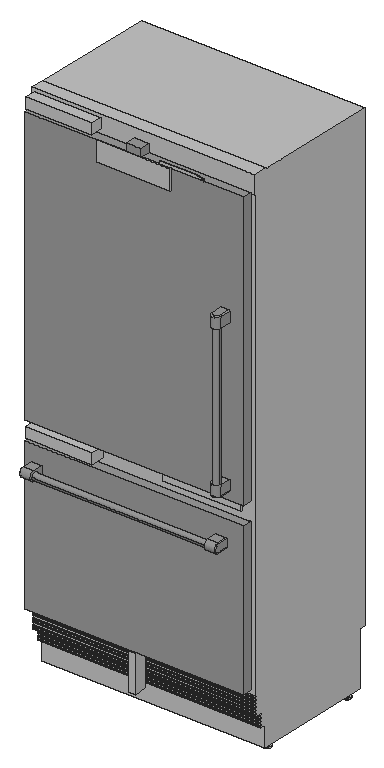
Revit family "FP-Revit20-en-RS3684WLUVE1-IntegratedRefrigerator-0-90003566A-US-CA", category Specialty Equipment, Revit 2020 (continued)
Definition of nested family "Handle Contemporary Round - Horizontal"
  Forms (mm)
    Sweep 5, void
      path in 3D
        loop
          line (-399, 0, -8.7) -> (-399, -32.3, -8.7)
          arc (-399, -32.3, -8.7) -> (-399, -41, 0) -> (-399, -32.3, 8.7) r 8.7
          line (-399, -32.3, 8.7) -> (-399, 0, 8.7)
      profile origin (-399, -16.15, 8.7) x (-1, 0, 0) y (0, 0, 1)
        loop
          line (0, 0) -> (-1, 0) -> (0, -1) -> (0, 0)
    Extrusion 6, solid, material <- "Material - Handle", detail levels coarse+medium
      sketch origin (0, 0, 0) x (0, 1, 0) y (0, 0, 1)
        loop
          line (0, 8.7) -> (-32.3, 8.7)
          arc (-32.3, 8.7) -> (-41, 0) -> (-32.3, -8.7) r 8.7
          line (-32.3, -8.7) -> (0, -8.7) -> (0, 8.7)
      from 279.005 to 399
    Extrusion 7, solid, material <- "Material - Handle", detail levels coarse+medium
      sketch origin (0, 0, 0) x (0, 1, 0) y (0, 0, -1)
        loop
          line (0, -8.7) -> (0, 8.7) -> (-32.3, 8.7)
          arc (-32.3, 8.7) -> (-41, 0) -> (-32.3, -8.7) r 8.7
          line (-32.3, -8.7) -> (0, -8.7)
      from 278.995 to 399
  Cuts and joins
    Sweep 4 cuts Extrusion 2
    Sweep 5 cuts Extrusion 3
  Lines and regions (mm)
    sketch lines
      curve 1: line (399, 0, 8.7) -> (399, -32.3, 8.7)
      curve 2: arc (399, -32.3, -8.7) -> (399, -41, 0) -> (399, -32.3, 8.7) r 8.7
      curve 3: line (399, -32.3, -8.7) -> (399, 0, -8.7)
      curve 4: line (-399, -32.3, 8.7) -> (-399, 0, 8.7)
      curve 5: arc (-399, -32.3, 8.7) -> (-399, -41, 0) -> (-399, -32.3, -8.7) r 8.7
      curve 6: line (-399, 0, -8.7) -> (-399, -32.3, -8.7)
  Dimensions and locks
    equal spacing: plane 4 "Product LHS", plane 3 "Center (Left/Right)", plane 5 "Product RHS"
    "Product - Width": plane 4 "Product LHS" to plane 5 "Product RHS"
    locked: plane 4 "Product LHS" to plane 6 "LHS Standoff" at 120.005
    locked: plane 7 "RHS Standoff" to plane 5 "Product RHS" at 119.995
    equal spacing: Extrusion 2 sketch curve, level, Extrusion 2 sketch curve
    Extrusion 3 sketch curve to Extrusion 3 sketch curve = 17.4 mm
    Extrusion 6 sketch curve to Extrusion 6 sketch curve = 17.4 mm
    Extrusion 7 sketch curve to Extrusion 7 sketch curve = 17.4 mm
    aligned and locked: level to plane 2
    aligned and locked: plane 7 "RHS Standoff" to Extrusion 1
    aligned and locked: Extrusion 2 to Extrusion 1
    aligned and locked: Extrusion 2 to plane 5 "Product RHS"
    aligned and locked: plane 4 "Product LHS" to Extrusion 3
    aligned and locked: plane 6 "LHS Standoff" to Extrusion 3
    aligned and locked: Extrusion 1 to plane 6 "LHS Standoff"
    aligned and locked: Extrusion 6 to Extrusion 1
    aligned and locked: Extrusion 6 to plane 5 "Product RHS"
    aligned and locked: plane 4 "Product LHS" to Extrusion 7
    aligned and locked: Extrusion 7 to Extrusion 1
  Automatic sketch dimensions
    Extrusion 1 sketch curve to level = 0 mm
    plane 1 "Center (Front/Back)" to Extrusion 1 sketch curve = 32.3 mm
    Extrusion 2 sketch curve to plane 1 "Center (Front/Back)" = 0 mm
    Extrusion 2 sketch curve to level = 8.7 mm
    plane 1 "Center (Front/Back)" to Extrusion 2 sketch curve = 32.3 mm
    Extrusion 3 sketch curve to level = 0 mm
    Extrusion 3 sketch curve to plane 1 "Center (Front/Back)" = 0 mm
    Extrusion 3 sketch curve to level = 8.7 mm
    plane 1 "Center (Front/Back)" to Extrusion 3 sketch curve = 32.3 mm
    Sweep 4 sketch curve to profile plane = 0 mm
    profile plane to Sweep 4 sketch curve = 0 mm
    profile plane to Sweep 4 sketch curve = 1 mm
    Sweep 4 sketch curve to profile plane = 1 mm
    Sweep 5 sketch curve to profile plane = 0 mm  (x2)
    profile plane to Sweep 5 sketch curve = 1 mm
    Sweep 5 sketch curve to profile plane = 1 mm
    Extrusion 6 sketch curve to level = 0 mm
    level to Extrusion 6 sketch curve = 8.7 mm
    plane 1 "Center (Front/Back)" to Extrusion 6 sketch curve = 32.3 mm
    Extrusion 6 sketch curve to Extrusion 6 sketch curve = 32.3 mm
    Extrusion 7 sketch curve to level = 0 mm
    level to Extrusion 7 sketch curve = 8.7 mm
    plane 1 "Center (Front/Back)" to Extrusion 7 sketch curve = 32.3 mm
    Extrusion 7 sketch curve to Extrusion 7 sketch curve = 32.3 mm
    radius of Extrusion 1 sketch curve = 8.7 mm
Definition of nested family "F&P Handle Kit - Contemporary Square Fine - Vertical"
  Parameters (values of type "AHD5RD3084W - Contemporary square fine handle (1 of 2) (Vertical) 727mm")
    URL = "www.fisherpaykel.com"
    Material - Handle = none
    Manufacturer = "Fisher & Paykel Appliances"
    Handle - Length = 727 mm
    Default Elevation = 0 mm
  Types (4): name
    AHD5RD3084W - Contemporary square fine handle (1 of 2) (Vertical) 727mm
    AHD5RD3084WB - Contemporary square fine black handle (1 of 2) (Vertical) 727mm
    AHD5RD3684WB - Contemporary square fine black handle (1 of 2) (Vertical) 727mm
    AHD5RD3684W - Contemporary square fine handle (1 of 2) (Vertical) 727mm
  Reference planes
    plane 1 "Center (Front/Back)": y = 0
    plane 2: z = 0
    plane 3 "Center (Left/Right)": x = 0
    plane 4 "Top": z = 363.5
    plane 5 "Bottom": z = -363.5
    plane 6 "Top Standoff": z = 243.5
    plane 7 "Bottom Standoff": z = -243.5
  Forms (mm)
    Extrusion 1, solid, material <- "Material - Handle", detail levels fine
      sketch origin (0, 0, 0) x (1, 0, 0) y (0, 1, 0)
        loop
          arc (-6.16, -26.813) -> (-6.554, -27.196) -> (-6.686, -27.728) r 1
          line (-6.686, -27.728) -> (-6.256, -40.035)
          arc (-6.256, -40.035) -> (-5.951, -40.719) -> (-5.257, -41) r 1
          line (-5.257, -41) -> (5.257, -41)
          arc (5.257, -41) -> (5.951, -40.719) -> (6.256, -40.035) r 1
          line (6.256, -40.035) -> (6.686, -27.709)
          arc (6.686, -27.709) -> (6.554, -27.175) -> (6.158, -26.792) r 1
          arc (6.158, -26.792) -> (-0.004, -25.256) -> (-6.16, -26.813) r 13.038
      from -363.5 to 363.5
    Extrusion 2, solid, material <- "Material - Handle", detail levels fine
      sketch origin (0, 0, 0) x (1, 0, 0) y (0, 1, 0)
        loop
          arc (6.012, -26.626) -> (6.494, -26.614) -> (6.741, -26.2) r 0.5
          line (6.741, -26.2) -> (7.7, 0) -> (-7.7, 0) -> (-6.742, -26.174)
          arc (-6.742, -26.174) -> (-6.496, -26.587) -> (-6.015, -26.6) r 0.5
          arc (-6.015, -26.6) -> (0.002, -25.156) -> (6.012, -26.626) r 13.136
      from 243.5 to 363.5
    Extrusion 3, solid, material <- "Material - Handle", detail levels coarse+medium
      sketch origin (0, 0, 0) x (0, 1, 0) y (0, 0, 1)
        loop
          line (0, 363.5) -> (-42, 363.5) -> (-42, -363.5) -> (0, -363.5) -> (0, -243.5) -> (-26.245, -243.5) -> (-26.245, 243.5) -> (0, 243.5) -> (0, 363.5)
      from -8 to 8
    Extrusion 4, solid, material <- "Material - Handle", detail levels fine
      sketch origin (0, 0, 0) x (1, 0, 0) y (0, 1, 0)
        loop
          arc (6.012, -26.626) -> (6.494, -26.614) -> (6.741, -26.2) r 0.5
          line (6.741, -26.2) -> (7.7, 0) -> (-7.7, 0) -> (-6.742, -26.174)
          arc (-6.742, -26.174) -> (-6.496, -26.587) -> (-6.015, -26.6) r 0.5
          arc (-6.015, -26.6) -> (0.002, -25.156) -> (6.012, -26.626) r 13.136
      from -363.5 to -243.5
  Dimensions and locks
    equal spacing: plane 4 "Top", level, plane 5 "Bottom"
    "Handle - Length": plane 4 "Top" to plane 5 "Bottom"
    locked: plane 4 "Top" to plane 6 "Top Standoff" at 120
    locked: plane 7 "Bottom Standoff" to plane 5 "Bottom" at 120
    aligned and locked: level to plane 2
    aligned and locked: plane 4 "Top" to Extrusion 2
    aligned and locked: Extrusion 2 to plane 6 "Top Standoff"
    aligned and locked: plane 4 "Top" to Extrusion 1
    aligned and locked: Extrusion 1 to plane 5 "Bottom"
    aligned and locked: plane 4 "Top" to Extrusion 3 sketch curve
    aligned and locked: plane 6 "Top Standoff" to Extrusion 3 sketch curve
    aligned and locked: plane 7 "Bottom Standoff" to Extrusion 3 sketch curve
    aligned and locked: plane 5 "Bottom" to Extrusion 3 sketch curve
    aligned and locked: Extrusion 4 to plane 5 "Bottom"
    aligned and locked: plane 7 "Bottom Standoff" to Extrusion 4
  Automatic sketch dimensions
    Extrusion 1 sketch curve to plane 3 "Center (Left/Right)" = 6.686 mm
    Extrusion 1 sketch curve to plane 3 "Center (Left/Right)" = 6.256 mm
    Extrusion 1 sketch curve to Extrusion 1 sketch curve = 0.999 mm  (x4)
    plane 3 "Center (Left/Right)" to Extrusion 1 sketch curve = 0.018 mm
    plane 3 "Center (Left/Right)" to Extrusion 1 sketch curve = 5.257 mm
    plane 3 "Center (Left/Right)" to Extrusion 1 sketch curve = 5.687 mm
    plane 1 "Center (Front/Back)" to Extrusion 1 sketch curve = 41 mm
    Extrusion 1 sketch curve to Extrusion 1 sketch curve = 0.965 mm  (x2)
    Extrusion 1 sketch curve to Extrusion 1 sketch curve = 1.706 mm
    Extrusion 1 sketch curve to Extrusion 1 sketch curve = 12.307 mm
    Extrusion 1 sketch curve to Extrusion 1 sketch curve = 12.326 mm
    Extrusion 1 sketch curve to Extrusion 1 sketch curve = 0.035 mm  (x2)
    Extrusion 1 sketch curve to Extrusion 1 sketch curve = 0 mm
    plane 1 "Center (Front/Back)" to Extrusion 2 sketch curve = 0 mm
    Extrusion 2 sketch curve to plane 3 "Center (Left/Right)" = 7.7 mm
    Extrusion 2 sketch curve to plane 3 "Center (Left/Right)" = 6.742 mm
    Extrusion 2 sketch curve to Extrusion 2 sketch curve = 0.5 mm  (x2)
    Extrusion 2 sketch curve to plane 3 "Center (Left/Right)" = 0.026 mm
    plane 3 "Center (Left/Right)" to Extrusion 2 sketch curve = 6.242 mm
    plane 3 "Center (Left/Right)" to Extrusion 2 sketch curve = 7.7 mm
    plane 1 "Center (Front/Back)" to Extrusion 2 sketch curve = 26.155 mm
    Extrusion 2 sketch curve to Extrusion 2 sketch curve = 0.018 mm  (x2)
    Extrusion 2 sketch curve to Extrusion 2 sketch curve = 0.026 mm
    Extrusion 2 sketch curve to Extrusion 2 sketch curve = 12.11 mm
    Extrusion 2 sketch curve to Extrusion 2 sketch curve = 0 mm
    plane 1 "Center (Front/Back)" to Extrusion 3 sketch curve = 42 mm
    Extrusion 3 sketch curve to Extrusion 3 sketch curve = 15.755 mm
    Extrusion 3 sketch curve to Extrusion 3 sketch curve = 42 mm  (x2)
    Extrusion 4 sketch curve to plane 3 "Center (Left/Right)" = 7.7 mm
    Extrusion 4 sketch curve to plane 3 "Center (Left/Right)" = 6.742 mm
    Extrusion 4 sketch curve to Extrusion 4 sketch curve = 0.5 mm  (x2)
    Extrusion 4 sketch curve to plane 3 "Center (Left/Right)" = 0.026 mm
    plane 3 "Center (Left/Right)" to Extrusion 4 sketch curve = 6.242 mm
    plane 3 "Center (Left/Right)" to Extrusion 4 sketch curve = 7.7 mm
    plane 1 "Center (Front/Back)" to Extrusion 4 sketch curve = 38.291 mm
    Extrusion 4 sketch curve to Extrusion 4 sketch curve = 12.091 mm
    Extrusion 4 sketch curve to Extrusion 4 sketch curve = 0.018 mm  (x2)
    Extrusion 4 sketch curve to Extrusion 4 sketch curve = 0.452 mm
    Extrusion 4 sketch curve to Extrusion 4 sketch curve = 26.174 mm
    Extrusion 4 sketch curve to Extrusion 4 sketch curve = 0 mm
Definition of nested family "Handle Professional Round - Vertical"
  Parameters (values of type "AHCRD3684W - Professional round handle (1 of 2) (Vertical) 661mm")
    URL = "www.fisherpaykel.com"
    Material - Standoff = none
    Material - Handle = none
    Manufacturer = "Fisher & Paykel Appliances"
    Handle - Length = 661 mm
    Default Elevation = 0 mm
  Types (4): name
    AHCRD3084W - Professional round handle (1 of 2) (Vertical) 661mm
    AHCRD3684W - Professional round handle (1 of 2) (Vertical) 661mm
    AHCRD3684WBA - Professional round handle Brass (1 of 2) (Vertical) 661mm
    AHCRD3684WDC - Professional round handle Dark Copper (1 of 2) (Vertical) 661mm
  Reference planes
    plane 1 "Center (Front/Back)": y = 0
    plane 2: z = 0
    plane 3 "Center (Left/Right)": x = 0
    plane 4 "Top": z = 330.5
    plane 5 "Bottom": z = -330.5
    plane 6 "Top Standoff": z = 286.5
    plane 7 "Bottom Standoff": z = -286.5
  Forms (mm)
    Extrusion 1, solid, material <- "Material - Standoff", detail levels fine
      sketch origin (0, 0, 0) x (1, 0, 0) y (0, 1, 0)
        loop
          line (-18.5, 0) -> (-18.5, -41.7)
          arc (-18.5, -41.7) -> (0, -60.2) -> (18.5, -41.7) r 18.5
          line (18.5, -41.7) -> (18.5, 0) -> (-18.5, 0)
      from 286.5 to 330.5
    Extrusion 2, solid, material <- "Material - Standoff", detail levels fine
      sketch origin (0, 0, 0) x (1, 0, 0) y (0, 1, 0)
        loop
          line (-18.5, 0) -> (-18.5, -41.7)
          arc (-18.5, -41.7) -> (0, -60.2) -> (18.5, -41.7) r 18.5
          line (18.5, -41.7) -> (18.5, 0) -> (-18.5, 0)
      from -330.5 to -286.5
    Extrusion 3, solid, material <- "Material - Handle"
      sketch origin (0, 0, 0) x (1, 0, 0) y (0, 1, 0)
        loop
          circle (0, -41.7) r 12.7
      from -286.5 to 286.5
    Sweep 4, void
      path in 3D
        loop
          line (-18.5, 0, 330.5) -> (-18.5, -41.7, 330.5)
          arc (-18.5, -41.7, 330.5) -> (0, -60.2, 330.5) -> (18.5, -41.7, 330.5) r 18.5
          line (18.5, -41.7, 330.5) -> (18.5, 0, 330.5)
      profile origin (18.5, -20.85, 330.5) x (-1, 0, 0) y (0, 0, 1)
        loop
          line (0, 0) -> (0, -3) -> (3, 0) -> (0, 0)
    Sweep 5, void
      path in 3D
        loop
          line (18.5, 0, -330.5) -> (18.5, -41.7, -330.5)
          arc (18.5, -41.7, -330.5) -> (0, -60.2, -330.5) -> (-18.5, -41.7, -330.5) r 18.5
          line (-18.5, -41.7, -330.5) -> (-18.5, 0, -330.5)
      profile origin (18.5, -20.85, -330.5) x (-1, 0, 0) y (0, 0, -1)
        loop
          line (0, 0) -> (0, -3) -> (3, 0) -> (0, 0)
    Extrusion 6, solid, material <- "Material - Standoff", detail levels coarse+medium
      sketch origin (0, 0, 0) x (1, 0, 0) y (0, 1, 0)
        loop
          line (-18.5, 0) -> (-18.5, -41.7)
          arc (-18.5, -41.7) -> (0, -60.2) -> (18.5, -41.7) r 18.5
          line (18.5, -41.7) -> (18.5, 0) -> (-18.5, 0)
      from 286.5 to 330.5
    Extrusion 7, solid, material <- "Material - Standoff", detail levels coarse+medium
      sketch origin (0, 0, 0) x (1, 0, 0) y (0, 1, 0)
        loop
          line (-18.5, 0) -> (-18.5, -41.7)
          arc (-18.5, -41.7) -> (0, -60.2) -> (18.5, -41.7) r 18.5
          line (18.5, -41.7) -> (18.5, 0) -> (-18.5, 0)
      from -330.5 to -286.5
  Cuts and joins
    Sweep 4 cuts Extrusion 1
    Sweep 5 cuts Extrusion 2
  Lines and regions (mm)
    sketch lines
      curve 1: line (18.5, -41.7, 330.5) -> (18.5, 0, 330.5)
      curve 2: arc (18.5, -41.7, 330.5) -> (0, -60.2, 330.5) -> (-18.5, -41.7, 330.5) r 18.5
      curve 3: line (-18.5, 0, 330.5) -> (-18.5, -41.7, 330.5)
      curve 4: line (18.5, 0, -330.5) -> (18.5, -41.7, -330.5)
      curve 5: arc (-18.5, -41.7, -330.5) -> (0, -60.2, -330.5) -> (18.5, -41.7, -330.5) r 18.5
      curve 6: line (-18.5, -41.7, -330.5) -> (-18.5, 0, -330.5)
  Dimensions and locks
    equal spacing: plane 4 "Top", level, plane 5 "Bottom"
    "Handle - Length": plane 4 "Top" to plane 5 "Bottom"
    plane 4 "Top" to plane 6 "Top Standoff" = 44 mm
    plane 7 "Bottom Standoff" to plane 5 "Bottom" = 44 mm
    aligned and locked: level to plane 2
    aligned and locked: plane 4 "Top" to Extrusion 1
    aligned and locked: Extrusion 1 to plane 6 "Top Standoff"
    aligned and locked: Extrusion 2 to plane 5 "Bottom"
    aligned and locked: plane 7 "Bottom Standoff" to Extrusion 2
    aligned and locked: plane 6 "Top Standoff" to Extrusion 3
    aligned and locked: Extrusion 3 to plane 7 "Bottom Standoff"
    aligned and locked: plane 4 "Top" to Extrusion 6
    aligned and locked: Extrusion 7 to plane 5 "Bottom"
    aligned and locked: plane 7 "Bottom Standoff" to Extrusion 7
    aligned and locked: Extrusion 6 to plane 6 "Top Standoff"
  Automatic sketch dimensions
    plane 1 "Center (Front/Back)" to Extrusion 1 sketch curve = 0 mm
    Extrusion 1 sketch curve to plane 3 "Center (Left/Right)" = 0 mm
    Extrusion 1 sketch curve to plane 3 "Center (Left/Right)" = 18.5 mm
    plane 1 "Center (Front/Back)" to Extrusion 1 sketch curve = 41.7 mm
    plane 1 "Center (Front/Back)" to Extrusion 2 sketch curve = 0 mm
    Extrusion 2 sketch curve to plane 3 "Center (Left/Right)" = 0 mm
    Extrusion 2 sketch curve to plane 3 "Center (Left/Right)" = 18.5 mm
    plane 1 "Center (Front/Back)" to Extrusion 2 sketch curve = 41.7 mm
    Extrusion 3 sketch curve to plane 3 "Center (Left/Right)" = 0 mm
    plane 1 "Center (Front/Back)" to Extrusion 3 sketch curve = 41.7 mm
    Sweep 4 sketch curve to profile plane = 0 mm  (x2)
    Sweep 4 sketch curve to profile plane = 3 mm  (x2)
    Sweep 5 sketch curve to profile plane = 0 mm  (x2)
    Sweep 5 sketch curve to profile plane = 3 mm  (x2)
    Extrusion 6 sketch curve to plane 3 "Center (Left/Right)" = 0 mm
    Extrusion 6 sketch curve to plane 3 "Center (Left/Right)" = 18.5 mm
    plane 1 "Center (Front/Back)" to Extrusion 6 sketch curve = 41.7 mm
    Extrusion 6 sketch curve to Extrusion 6 sketch curve = 41.7 mm
    Extrusion 7 sketch curve to plane 3 "Center (Left/Right)" = 0 mm
    Extrusion 7 sketch curve to plane 3 "Center (Left/Right)" = 18.5 mm
    plane 1 "Center (Front/Back)" to Extrusion 7 sketch curve = 41.7 mm
    Extrusion 7 sketch curve to Extrusion 7 sketch curve = 41.7 mm
    radius of Extrusion 3 sketch curve = 12.7 mm
Definition of nested family "Handle Contemporary Square - Vertical"
  Parameters (values of type "AHD3RD3684W - Contemporary square handle (1 of 2) (Vertical) 727mm")
    URL = "www.fisherpaykel.com"
    Material - Handle = none
    Manufacturer = "Fisher & Paykel Appliances"
    Handle - Length = 727 mm
    Default Elevation = 0 mm
  Types (2): name
    AHD3RD3084W - Contemporary square handle (1 of 2) (Vertical) 727mm
    AHD3RD3684W - Contemporary square handle (1 of 2) (Vertical) 727mm
  Reference planes
    plane 1 "Center (Front/Back)": y = 0
    plane 2: z = 0
    plane 3 "Center (Left/Right)": x = 0
    plane 4 "Top": z = 363.5
    plane 5 "Bottom": z = -363.5
    plane 6 "Top Standoff": z = 243.5
    plane 7 "Bottom Standoff": z = -243.5
  Forms (mm)
    Extrusion 1, solid, material <- "Material - Handle", detail levels fine
      sketch origin (0, 0, 0) x (1, 0, 0) y (0, 1, 0)
        loop
          arc (-7.583, -28.701) -> (-7.89, -29.057) -> (-8, -29.514) r 1
          line (-8, -29.514) -> (-8, -40.5)
          arc (-8, -40.5) -> (-7.561, -41.561) -> (-6.5, -42) r 1.5
          line (-6.5, -42) -> (6.5, -42)
          arc (6.5, -42) -> (7.561, -41.561) -> (8, -40.5) r 1.5
          line (8, -40.5) -> (8, -29.487)
          arc (8, -29.487) -> (7.889, -29.029) -> (7.58, -28.673) r 1
          arc (7.58, -28.673) -> (-0.006, -26.256) -> (-7.583, -28.701) r 13.038
      from -363.5 to 363.5
    Extrusion 2, solid, material <- "Material - Handle", detail levels fine
      sketch origin (0, 0, 0) x (1, 0, 0) y (0, 1, 0)
        loop
          arc (7.058, -28.23) -> (7.466, -28.244) -> (7.674, -27.893) r 0.4
          line (7.674, -27.893) -> (7.674, 0) -> (-7.674, 0) -> (-7.674, -27.86)
          arc (-7.674, -27.86) -> (-7.467, -28.21) -> (-7.06, -28.198) r 0.4
          arc (-7.06, -28.198) -> (0.004, -26.156) -> (7.058, -28.23) r 13.136
      from 243.5 to 363.5
    Extrusion 3, solid, material <- "Material - Handle", detail levels fine
      sketch origin (0, 0, 0) x (1, 0, 0) y (0, 1, 0)
        loop
          arc (7.058, -28.23) -> (7.466, -28.244) -> (7.674, -27.893) r 0.4
          line (7.674, -27.893) -> (7.674, 0) -> (-7.674, 0) -> (-7.674, -27.86)
          arc (-7.674, -27.86) -> (-7.467, -28.21) -> (-7.06, -28.198) r 0.4
          arc (-7.06, -28.198) -> (0.004, -26.156) -> (7.058, -28.23) r 13.136
      from -363.5 to -243.5
    Sweep 4, void
      path in 3D
        loop
          line (-8, -29.514, 363.5) -> (-8, -40.5, 363.5)
          arc (-8, -40.5, 363.5) -> (-7.561, -41.561, 363.5) -> (-6.5, -42, 363.5) r 1.5
          line (-6.5, -42, 363.5) -> (6.5, -42, 363.5)
          arc (6.5, -42, 363.5) -> (7.561, -41.561, 363.5) -> (8, -40.5, 363.5) r 1.5
          line (8, -40.5, 363.5) -> (8, -29.487, 363.5)
      profile origin (8, -34.994, 363.5) x (-1, 0, 0) y (0, 0, 1)
        loop
          line (0, 0) -> (0, -1.3) -> (1.3, 0) -> (0, 0)
    Sweep 5, void
      path in 3D
        loop
          line (8, -29.487, -363.5) -> (8, -40.5, -363.5)
          arc (8, -40.5, -363.5) -> (7.561, -41.561, -363.5) -> (6.5, -42, -363.5) r 1.5
          line (6.5, -42, -363.5) -> (-6.5, -42, -363.5)
          arc (-6.5, -42, -363.5) -> (-7.561, -41.561, -363.5) -> (-8, -40.5, -363.5) r 1.5
          line (-8, -40.5, -363.5) -> (-8, -29.514, -363.5)
      profile origin (8, -34.994, -363.5) x (-1, 0, 0) y (0, 0, -1)
        loop
          line (0, 0) -> (0, -1.3) -> (1.3, 0) -> (0, 0)
    Extrusion 6, void
      sketch origin (0, 0, 0) x (1, 0, 0) y (0, 0, 1)
        loop
          line (-8, -362.2) -> (-8, -363.5) -> (-6.7, -363.5) -> (-8, -362.2)
        loop
          line (8, -362.2) -> (6.7, -363.5) -> (8, -363.5) -> (8, -362.2)
      from 0 to 40
    Extrusion 7, void
      sketch origin (0, 0, 0) x (1, 0, 0) y (0, 0, 1)
        loop
          line (-8, 363.5) -> (-8, 362.2) -> (-6.7, 363.5) -> (-8, 363.5)
        loop
          line (8, 363.5) -> (6.7, 363.5) -> (8, 362.2) -> (8, 363.5)
      from 0 to 40
    Extrusion 8, solid, material <- "Material - Handle", detail levels coarse+medium
      sketch origin (0, 0, 0) x (0, 1, 0) y (0, 0, 1)
        loop
          line (0, 363.5) -> (-42, 363.5) -> (-42, -363.5) -> (0, -363.5) -> (0, -243.5) -> (-26.245, -243.5) -> (-26.245, 243.5) -> (0, 243.5) -> (0, 363.5)
      from -8 to 8
  Cuts and joins
    Sweep 4, Sweep 5, Extrusion 6, Extrusion 7 cuts Extrusion 1
    Extrusion 6 cuts Extrusion 3
    Extrusion 7 cuts Extrusion 2
  Lines and regions (mm)
    sketch lines
      curve 1: line (8, -40.5, 363.5) -> (8, -29.487, 363.5)
      curve 2: arc (8, -40.5, 363.5) -> (7.561, -41.561, 363.5) -> (6.5, -42, 363.5) r 1.5
      curve 3: line (-6.5, -42, 363.5) -> (6.5, -42, 363.5)
      curve 4: arc (-6.5, -42, 363.5) -> (-7.561, -41.561, 363.5) -> (-8, -40.5, 363.5) r 1.5
      curve 5: line (-8, -29.514, 363.5) -> (-8, -40.5, 363.5)
      curve 6: line (8, -29.487, -363.5) -> (8, -40.5, -363.5)
      curve 7: arc (6.5, -42, -363.5) -> (7.561, -41.561, -363.5) -> (8, -40.5, -363.5) r 1.5
      curve 8: line (6.5, -42, -363.5) -> (-6.5, -42, -363.5)
      curve 9: arc (-8, -40.5, -363.5) -> (-7.561, -41.561, -363.5) -> (-6.5, -42, -363.5) r 1.5
      curve 10: line (-8, -40.5, -363.5) -> (-8, -29.514, -363.5)
  Dimensions and locks
    equal spacing: plane 4 "Top", level, plane 5 "Bottom"
    "Handle - Length": plane 4 "Top" to plane 5 "Bottom"
    locked: plane 4 "Top" to plane 6 "Top Standoff" at 120
    locked: plane 7 "Bottom Standoff" to plane 5 "Bottom" at 120
    aligned and locked: level to plane 2
    aligned and locked: plane 4 "Top" to Extrusion 2
    aligned and locked: Extrusion 2 to plane 6 "Top Standoff"
    aligned and locked: plane 4 "Top" to Extrusion 1
    aligned and locked: Extrusion 1 to plane 5 "Bottom"
    aligned and locked: Extrusion 3 to plane 5 "Bottom"
    aligned and locked: plane 7 "Bottom Standoff" to Extrusion 3
    aligned and locked: plane 4 "Top" to Extrusion 8 sketch curve
    aligned and locked: plane 6 "Top Standoff" to Extrusion 8 sketch curve
    aligned and locked: plane 7 "Bottom Standoff" to Extrusion 8 sketch curve
    aligned and locked: plane 5 "Bottom" to Extrusion 8 sketch curve
    aligned and locked: plane 1 "Center (Front/Back)" to Extrusion 8 sketch curve  (x2)
  Automatic sketch dimensions
    Extrusion 1 sketch curve to plane 3 "Center (Left/Right)" = 8 mm
    Extrusion 1 sketch curve to Extrusion 1 sketch curve = 1 mm  (x2)
    Extrusion 1 sketch curve to Extrusion 1 sketch curve = 1.5 mm
    plane 3 "Center (Left/Right)" to Extrusion 1 sketch curve = 0.018 mm
    plane 3 "Center (Left/Right)" to Extrusion 1 sketch curve = 6.5 mm
    plane 3 "Center (Left/Right)" to Extrusion 1 sketch curve = 7 mm
    plane 1 "Center (Front/Back)" to Extrusion 1 sketch curve = 42 mm
    Extrusion 1 sketch curve to Extrusion 1 sketch curve = 1.206 mm
    Extrusion 1 sketch curve to Extrusion 1 sketch curve = 10.986 mm
    Extrusion 1 sketch curve to Extrusion 1 sketch curve = 11.013 mm
    Extrusion 1 sketch curve to Extrusion 1 sketch curve = 0 mm
    plane 1 "Center (Front/Back)" to Extrusion 2 sketch curve = 0 mm
    Extrusion 2 sketch curve to plane 3 "Center (Left/Right)" = 7.674 mm
    Extrusion 2 sketch curve to Extrusion 2 sketch curve = 0.4 mm  (x2)
    Extrusion 2 sketch curve to plane 3 "Center (Left/Right)" = 0.026 mm
    plane 3 "Center (Left/Right)" to Extrusion 2 sketch curve = 7.274 mm
    plane 1 "Center (Front/Back)" to Extrusion 2 sketch curve = 27.86 mm
    Extrusion 2 sketch curve to Extrusion 2 sketch curve = 0.033 mm
    Extrusion 2 sketch curve to Extrusion 2 sketch curve = 11.398 mm
    Extrusion 2 sketch curve to Extrusion 2 sketch curve = 0 mm
    plane 1 "Center (Front/Back)" to Extrusion 3 sketch curve = 0 mm
    Extrusion 3 sketch curve to Extrusion 3 sketch curve = 0.4 mm  (x2)
    Extrusion 3 sketch curve to Extrusion 3 sketch curve = 7.248 mm
    Extrusion 3 sketch curve to Extrusion 3 sketch curve = 7.3 mm
    plane 1 "Center (Front/Back)" to Extrusion 3 sketch curve = 27.86 mm
    Extrusion 3 sketch curve to Extrusion 3 sketch curve = 0.033 mm
    Extrusion 3 sketch curve to Extrusion 3 sketch curve = 11.398 mm
    Extrusion 3 sketch curve to Extrusion 3 sketch curve = 0 mm
    Sweep 4 sketch curve to profile plane = 0 mm  (x2)
    Sweep 4 sketch curve to profile plane = 1.3 mm  (x2)
    Sweep 5 sketch curve to profile plane = 0 mm  (x2)
    Sweep 5 sketch curve to profile plane = 1.3 mm  (x2)
    Extrusion 6 sketch curve to plane 5 "Bottom" = 0 mm  (x2)
    plane 5 "Bottom" to Extrusion 6 sketch curve = 1.3 mm  (x2)
    Extrusion 6 sketch curve to plane 3 "Center (Left/Right)" = 8 mm
    Extrusion 6 sketch curve to Extrusion 6 sketch curve = 1.3 mm  (x2)
    plane 3 "Center (Left/Right)" to Extrusion 6 sketch curve = 8 mm
    Extrusion 7 sketch curve to plane 4 "Top" = 0 mm  (x2)
    Extrusion 7 sketch curve to plane 3 "Center (Left/Right)" = 8 mm
    Extrusion 7 sketch curve to Extrusion 7 sketch curve = 1.3 mm  (x2)
    plane 3 "Center (Left/Right)" to Extrusion 7 sketch curve = 8 mm
    Extrusion 7 sketch curve to plane 4 "Top" = 1.3 mm  (x2)
    plane 1 "Center (Front/Back)" to Extrusion 8 sketch curve = 26.245 mm
    plane 1 "Center (Front/Back)" to Extrusion 8 sketch curve = 42 mm
    Extrusion 3 sketch curve to plane 3 "Center (Left/Right)" = 7.674 mm
Definition of nested family "Handle Contemporary Round - Vertical"
  Parameters (values of type "AHSRD3684W - Contemporary round handle (1 of 2) (Vertical) 727mm")
    URL = "www.fisherpaykel.com"
    Material - Handle = none
    Manufacturer = "Fisher & Paykel Appliances"
    Handle - Length = 727 mm
    Default Elevation = 0 mm
  Types (2): name
    AHSRD3084W - Contemporary round handle (1 of 2) (Vertical) 727mm
    AHSRD3684W - Contemporary round handle (1 of 2) (Vertical) 727mm
  Reference planes
    plane 1 "Center (Front/Back)": y = 0
    plane 2: z = 0
    plane 3 "Center (Left/Right)": x = 0
    plane 4 "Top": z = 363.5
    plane 5 "Bottom": z = -363.5
    plane 6 "Top Standoff": z = 243.5
    plane 7 "Bottom Standoff": z = -243.5
  Forms (mm)
    Extrusion 1, solid, material <- "Material - Handle"
      sketch origin (0, 0, 0) x (1, 0, 0) y (0, 1, 0)
        loop
          circle (0, -32.3) r 8.7
      from -243.5 to 243.5
    Extrusion 2, solid, material <- "Material - Handle", detail levels fine
      sketch origin (0, 0, 0) x (1, 0, 0) y (0, 1, 0)
        loop
          line (-8.7, 0) -> (-8.7, -32.3)
          arc (-8.7, -32.3) -> (0, -41) -> (8.7, -32.3) r 8.7
          line (8.7, -32.3) -> (8.7, 0) -> (-8.7, 0)
      from 243.5 to 363.5
    Extrusion 3, solid, material <- "Material - Handle", detail levels fine
      sketch origin (0, 0, 0) x (1, 0, 0) y (0, 1, 0)
        loop
          line (-8.7, 0) -> (-8.7, -32.3)
          arc (-8.7, -32.3) -> (0, -41) -> (8.7, -32.3) r 8.7
          line (8.7, -32.3) -> (8.7, 0) -> (-8.7, 0)
      from -363.5 to -243.5
    Sweep 4, void
      path in 3D
        loop
          line (8.7, 0, -363.5) -> (8.7, -32.3, -363.5)
          arc (8.7, -32.3, -363.5) -> (0, -41, -363.5) -> (-8.7, -32.3, -363.5) r 8.7
          line (-8.7, -32.3, -363.5) -> (-8.7, 0, -363.5)
      profile origin (8.7, -16.15, -363.5) x (-1, 0, 0) y (0, 0, -1)
        loop
          line (0, 0) -> (0, -1) -> (1, 0) -> (0, 0)
    Sweep 5, void
      path in 3D
        loop
          line (-8.7, 0, 363.5) -> (-8.7, -32.3, 363.5)
          arc (-8.7, -32.3, 363.5) -> (0, -41, 363.5) -> (8.7, -32.3, 363.5) r 8.7
          line (8.7, -32.3, 363.5) -> (8.7, 0, 363.5)
      profile origin (8.7, -16.15, 363.5) x (-1, 0, 0) y (0, 0, 1)
        loop
          line (0, 0) -> (0, -1) -> (1, 0) -> (0, 0)
    Extrusion 6, solid, material <- "Material - Handle", detail levels coarse+medium
      sketch origin (0, 0, 0) x (1, 0, 0) y (0, 1, 0)
        loop
          line (-8.7, 0) -> (-8.7, -32.3)
          arc (-8.7, -32.3) -> (0, -41) -> (8.7, -32.3) r 8.7
          line (8.7, -32.3) -> (8.7, 0) -> (-8.7, 0)
      from 243.5 to 363.5
    Extrusion 7, solid, material <- "Material - Handle", detail levels coarse+medium
      sketch origin (0, 0, 0) x (1, 0, 0) y (0, 1, 0)
        loop
          line (-8.7, 0) -> (-8.7, -32.3)
          arc (-8.7, -32.3) -> (0, -41) -> (8.7, -32.3) r 8.7
          line (8.7, -32.3) -> (8.7, 0) -> (-8.7, 0)
      from -363.5 to -243.5
  Cuts and joins
    Sweep 4 cuts Extrusion 3
    Sweep 5 cuts Extrusion 2
  Lines and regions (mm)
    sketch lines
      curve 1: line (8.7, 0, -363.5) -> (8.7, -32.3, -363.5)
      curve 2: arc (-8.7, -32.3, -363.5) -> (0, -41, -363.5) -> (8.7, -32.3, -363.5) r 8.7
      curve 3: line (-8.7, -32.3, -363.5) -> (-8.7, 0, -363.5)
      curve 4: line (8.7, -32.3, 363.5) -> (8.7, 0, 363.5)
      curve 5: arc (8.7, -32.3, 363.5) -> (0, -41, 363.5) -> (-8.7, -32.3, 363.5) r 8.7
      curve 6: line (-8.7, 0, 363.5) -> (-8.7, -32.3, 363.5)
  Dimensions and locks
    equal spacing: plane 4 "Top", level, plane 5 "Bottom"
    "Handle - Length": plane 4 "Top" to plane 5 "Bottom"
    locked: plane 4 "Top" to plane 6 "Top Standoff" at 120
    locked: plane 7 "Bottom Standoff" to plane 5 "Bottom" at 120
    Extrusion 2 sketch curve to Extrusion 2 sketch curve = 17.4 mm
    Extrusion 3 sketch curve to Extrusion 3 sketch curve = 17.4 mm
    Extrusion 6 sketch curve to Extrusion 6 sketch curve = 17.4 mm
    Extrusion 7 sketch curve to Extrusion 7 sketch curve = 17.4 mm
    aligned and locked: level to plane 2
    aligned and locked: plane 4 "Top" to Extrusion 2
    aligned and locked: Extrusion 3 to plane 5 "Bottom"
    aligned and locked: plane 7 "Bottom Standoff" to Extrusion 3
    aligned and locked: Extrusion 1 to plane 7 "Bottom Standoff"
    aligned and locked: plane 6 "Top Standoff" to Extrusion 1
    aligned and locked: Extrusion 2 to Extrusion 1
    aligned and locked: Extrusion 6 to Extrusion 1
    aligned and locked: plane 4 "Top" to Extrusion 6
    aligned and locked: Extrusion 7 to Extrusion 1
    aligned and locked: Extrusion 7 to plane 5 "Bottom"
  Automatic sketch dimensions
    Extrusion 1 sketch curve to plane 3 "Center (Left/Right)" = 0 mm
    plane 1 "Center (Front/Back)" to Extrusion 1 sketch curve = 32.3 mm
    plane 1 "Center (Front/Back)" to Extrusion 2 sketch curve = 0 mm
    Extrusion 2 sketch curve to plane 3 "Center (Left/Right)" = 0 mm
    Extrusion 2 sketch curve to plane 3 "Center (Left/Right)" = 8.7 mm
    plane 1 "Center (Front/Back)" to Extrusion 2 sketch curve = 32.3 mm
    plane 1 "Center (Front/Back)" to Extrusion 3 sketch curve = 0 mm
    Extrusion 3 sketch curve to plane 3 "Center (Left/Right)" = 0 mm
    Extrusion 3 sketch curve to plane 3 "Center (Left/Right)" = 8.7 mm
    plane 1 "Center (Front/Back)" to Extrusion 3 sketch curve = 32.3 mm
    Sweep 4 sketch curve to profile plane = 0 mm  (x2)
    Sweep 4 sketch curve to profile plane = 1 mm  (x2)
    Sweep 5 sketch curve to profile plane = 0 mm  (x2)
    Sweep 5 sketch curve to profile plane = 1 mm  (x2)
    Extrusion 6 sketch curve to plane 3 "Center (Left/Right)" = 0 mm
    Extrusion 6 sketch curve to plane 3 "Center (Left/Right)" = 8.7 mm
    plane 1 "Center (Front/Back)" to Extrusion 6 sketch curve = 32.3 mm
    Extrusion 6 sketch curve to Extrusion 6 sketch curve = 32.3 mm
    Extrusion 7 sketch curve to plane 3 "Center (Left/Right)" = 0 mm
    Extrusion 7 sketch curve to plane 3 "Center (Left/Right)" = 8.7 mm
    plane 1 "Center (Front/Back)" to Extrusion 7 sketch curve = 32.3 mm
    Extrusion 7 sketch curve to Extrusion 7 sketch curve = 32.3 mm
    radius of Extrusion 1 sketch curve = 8.7 mm
Definition of nested family "Visibility Control Note 18"
  Types (3): name
    New
    Resolved
    Active
  Reference planes
    plane 1: y = 0
    plane 2: x = 0
  Text (mm)
    text "Edit Type: \nTo control handle kit \nand door panel visibility\n options\n\nDelete unwanted kits \nto reduce file size" at (-0.165, 35.556, 0)
